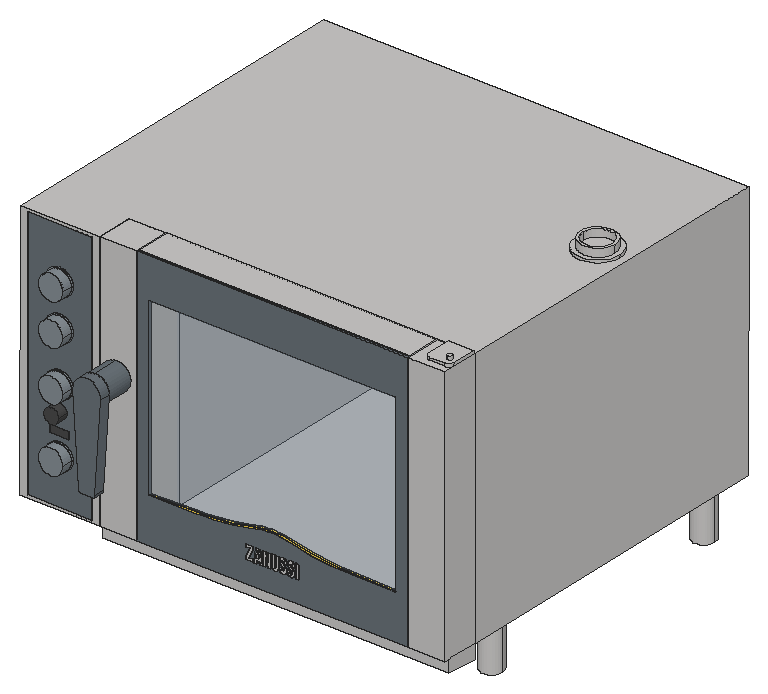
Revit family "QF_ZANUSSI_240451_ZFCE61CSDS", category Specialty Equipment, Revit 2023
Family settings
  Round Connector Dimension = Use Diameter
  Part Type = Normal
  Work Plane-Based = No
  Enable Cutting in Views = No
  Always vertical = Yes
  Cut with Voids When Loaded = No
  Maintain Annotation Orientation = No
  Shared = No
  Room Calculation Point = No
Parameters (values of type "Standard")
  Weight = 79.50 kg
  Watts = 0 W
  Volts = 380 V
  URL Manufacturer = "http://www.zanussiprofessional.com"
  URL = "http://www.zanussiprofessional.com"
  Steam Supply Size = 0 mm
  Steam Supply Minimum Pressure = 0.0 Pa
  Steam Supply Maximum Pressure = 0.0 Pa
  Steam Consumption per Hour = 0
  Show Logo [instance] = yes
  Show Clearance [instance] = yes
  Refrigeration Suction Line Size = 0 mm
  Refrigeration Liquid Line Size = 0 mm
  Refrigerant Compressor Remote = yes
  Default Elevation = 0 mm
  Manufacturer = "Zanussi"
  Phase = 3
  Model = "ZFCE61CSDS"
  Length Actual = 860 mm
  Item Number = "240451"
  Hot Water Size = 0 mm
  Height Actual = 633 mm
  HP = "10.3 HP"
  Gas Size = 12.7 mm
  Gas KW = 0
  Gas Input Pressure = 0.0585289 W
  Direct Waste Size = 25 mm
  Description = "CONVECTION OVEN CW 6 GN 1/1 - ELECTRIC"
  Depth Actual = 767 mm
  Cycle = 50 Hz
  Condensate Return Size = 0 mm
  Compressed Air Volume = 0.0 L/s
  Compressed Air Size = 0 mm
  Compressed Air Pressure = 0.0 Pa
  Cold Water Size = 19.05 mm
  Accessory = no
Reference planes
  plane 1 "Center X": y = 96.351
  plane 2: z = 0
  plane 3 "Center Y": x = -330
  plane 4 "LEFT": x = -760
  plane 5 "BACK": y = 479.851
  plane 6 "RIGHT": x = 100
  plane 7 "FRONT": y = -287.149
  plane 8: x = -710
  plane 9 "FeetBack": y = 429.851
  plane 10 "DoorDepth": y = -212.149
  plane 11: x = 80
  plane 12 "BASE": z = 108
  plane 13 "TOP": z = 633
  plane 14: z = 0
  plane 15 "1": y = 173.851
  plane 16 "FeetFront": y = -107.149
  plane 17: z = 653.369
  plane 18: y = -362.149
  plane 19 "Drain_X": x = -323
  plane 20 "Drain_Y": y = 61.851
  plane 21 "EI_x": x = -663
  plane 22 "EI_y": y = 13.851
  plane 23 "CWI_y": y = 304.851
  plane 24 "CWI_x": x = -689
  plane 25: y = -935.149
  plane 26: x = 40
Forms (mm)
  Extrusion 1, solid, material "QF_Finishes_Stainless Steel"
    sketch origin (0, 2, 108) x (-1, 0, 0) y (0, -1, 0)
      loop
        circle (689, -302.851) r 13.25
    from -5 to 0
  Extrusion 2, solid, material "QF_Finishes_Stainless Steel"
    sketch origin (0, 57.5, 108) x (-1, 0, 0) y (0, -1, 0)
      loop
        circle (663, 43.649) r 13.25
    from -5 to 0
  Extrusion 3, solid, material "QF_Finishes_Stainless Steel"
    sketch origin (89, -125, 108) x (-1, 0, 0) y (0, -1, 0)
      loop
        circle (412, -186.851) r 13.25
    from -5 to 0
  Extrusion 4, solid, material "QF_Finishes_Black"
    sketch origin (0, -287.149, 127) x (-1, 0, 0) y (0, 0, 1)
      loop
        circle (680.941, 161.023) r 15
    from 0 to -20
  Extrusion 5, solid, material "QF_Finishes_Stainless Steel"
    sketch origin (15, -153.5, 108) x (-1, 0, 0) y (0, -1, 0)
      loop
        circle (694, -119.351) r 13.25
    from -5 to 0
  Extrusion 6, solid, material "QF_Finishes_Zanussi_Soft Gray"
    sketch origin (0, -287.149, -6) x (-1, 0, 0) y (0, 0, 1)
      loop
        circle (680, 528.824) r 26.676
    from 0 to -3
  Blend 7, solid, material "QF_Finishes_Zanussi_Soft Gray"
    base sketch origin (0, -287.149, -6) x (-1, 0, 0) y (0, 0, 1)
      loop
        circle (680, 528.824) r 25
    top sketch origin (0, -287.149, -6) x (-1, 0, 0) y (0, 0, 1)
      loop
        circle (680, 528.824) r 24.8
    from -3 to -23
  Extrusion 8, solid, material "QF_Finishes_Zanussi_Soft Gray"
    sketch origin (0, -287.149, -5) x (-1, 0, 0) y (0, 0, 1)
      loop
        circle (680, 443.824) r 26.676
    from 0 to -3
  Blend 9, solid, material "QF_Finishes_Zanussi_Soft Gray"
    base sketch origin (0, -287.149, -5) x (-1, 0, 0) y (0, 0, 1)
      loop
        circle (680, 443.824) r 25
    top sketch origin (0, -287.149, -5) x (-1, 0, 0) y (0, 0, 1)
      loop
        circle (680, 443.824) r 24.8
    from -3 to -23
  Extrusion 10, solid, material "QF_Finishes_Zanussi_Soft Gray"
    sketch origin (0, -287.149, -22) x (-1, 0, 0) y (0, 0, 1)
      loop
        circle (680, 358.824) r 26.676
    from 0 to -3
  Blend 11, solid, material "QF_Finishes_Zanussi_Soft Gray"
    base sketch origin (0, -287.149, -22) x (-1, 0, 0) y (0, 0, 1)
      loop
        circle (680, 358.824) r 25
    top sketch origin (0, -287.149, -22) x (-1, 0, 0) y (0, 0, 1)
      loop
        circle (680, 358.824) r 24.8
    from -3 to -23
  Extrusion 12, solid, material "QF_Finishes_Stainless Steel"
    sketch origin (0, 0, 108) x (-1, 0, 0) y (0, -1, 0)
      loop
        line (760, -479.851) -> (760, 287.149) -> (600, 287.149) -> (600, 212.149) -> (-100, 212.149) -> (-100, -479.851) -> (760, -479.851)
    from 525 to 0
  Extrusion 13, solid, material "QF_Finishes_Zanussi_Dark Gray"
    sketch origin (0, -287.149, 0) x (-1, 0, 0) y (0, 0, 1)
      loop
        line (745, 628) -> (615, 628) -> (615, 113) -> (745, 113) -> (745, 628)
      loop
        line (660.941, 258.023) -> (660.941, 243.023) -> (700.941, 243.023) -> (700.941, 258.023) -> (660.941, 258.023)
    from 0 to 5
  Extrusion 14, void
    sketch origin (0, -287.149, 0) x (-1, 0, 0) y (0, 0, 1)
      loop
        line (745, 628) -> (615, 628) -> (615, 113) -> (745, 113) -> (745, 628)
    from 0 to 5
  Extrusion 15, void
    sketch origin (0, -287.149, 0) x (-1, 0, 0) y (0, 0, 1)
      loop
        line (-71.369, 123) -> (525, 123) -> (525, 613) -> (-71.369, 613) -> (-71.369, 123)
    from 737 to 75
  Extrusion 16, solid, material "QF_Finishes_Black"
    sketch origin (0, -287.149, 0) x (-1, 0, 0) y (0, 0, 1)
      loop
        line (700.941, 258.023) -> (660.941, 258.023) -> (660.941, 243.023) -> (700.941, 243.023) -> (700.941, 258.023)
    from 5 to 0
  Extrusion 17, solid, material "QF_Clearances", detail levels coarse
    sketch origin (0, 0, 0) x (1, 0, 0) y (0, 1, 0)
      loop
        line (-810, -287.149) -> (-760, -287.149) -> (-760, 479.851) -> (100, 479.851) -> (100, -287.149) -> (150, -287.149) -> (150, 529.851) -> (-810, 529.851) -> (-810, -287.149)
    from 633 to 0
  Extrusion 18, solid, material "QF_Finishes_Stainless Steel"
    sketch origin (0, 0, 633) x (-1, 0, 0) y (0, -1, 0)
      loop
        circle (-40, -173.851) r 45
    from 5 to 0
  Extrusion 19, solid, material "QF_Finishes_Stainless Steel"
    sketch origin (0, 0, 633) x (-1, 0, 0) y (0, -1, 0)
      loop
        circle (-40, -173.851) r 35
      loop
        circle (-40, -173.851) r 30
    from 5 to 20.369
  Extrusion 20, solid, material "QF_Finishes_Zanussi_Soft Gray"
    sketch origin (0, -287.149, -152) x (-1, 0, 0) y (0, 0, 1)
      loop
        circle (680, 358.824) r 26.676
    from 0 to -3
  Blend 21, solid, material "QF_Finishes_Zanussi_Soft Gray"
    base sketch origin (0, -287.149, -152) x (-1, 0, 0) y (0, 0, 1)
      loop
        circle (680, 358.824) r 25
    top sketch origin (0, -287.149, -152) x (-1, 0, 0) y (0, 0, 1)
      loop
        circle (680, 358.824) r 24.8
    from -3 to -23
Cuts and joins
  Extrusion 14, Extrusion 15 cuts Extrusion 12
Lines and regions (mm)
  symbolic lines
    curve 1: line (-760, -287.149, 1620) -> (-760, 479.851, 1620)
    curve 2: line (-760, 479.851, 1620) -> (100, 479.851, 1620)
    curve 3: line (-600, -212.149, 1620) -> (100, -212.149, 1620)
    curve 4: line (-600, -212.149, 1620) -> (-600, -287.149, 1620)
    curve 5: line (-760, -287.149, 1620) -> (-600, -287.149, 1620)
    curve 6: line (-706.676, -290.149, 1620) -> (-653.324, -290.149, 1620)
    curve 7: line (-706.676, -290.149, 1620) -> (-706.676, -287.149, 1620)
    curve 8: line (-653.324, -290.149, 1620) -> (-653.324, -287.149, 1620)
    curve 9: line (100, 479.851, 1620) -> (100, -287.149, 1620)
    curve 10: line (-704.8, -310.149, 684) -> (-655.2, -310.149, 684)
    curve 11: line (-704.8, -310.149, 684) -> (-705, -290.149, 684)
    curve 12: line (-655.2, -310.149, 684) -> (-655, -290.149, 684)
    curve 18: circle (40, 173.851, 633) r 45 normal (0, 0, 1)
    curve 19: circle (40, 173.851, 633) r 35 normal (0, 0, 1)
    curve 20: circle (40, 173.851, 633) r 30 normal (0, 0, -1)
  symbolic lines, style "QF_Clearances", detail levels coarse
    curve 13: line (-810, -287.149, 0) -> (-810, 529.851, 0)
    curve 14: line (-810, 529.851, 0) -> (150, 529.851, 0)
    curve 15: line (150, 529.851, 0) -> (150, -287.149, 0)
    curve 16: line (150, -287.149, 0) -> (100, -287.149, 0)
    curve 17: line (-810, -287.149, 0) -> (-753.438, -287.149, 0)
Dimensions and locks
  equal spacing: plane 4 "LEFT", plane 3 "Center Y", plane 6 "RIGHT"
  "Length Actual": plane 4 "LEFT" to plane 6 "RIGHT"
  "Depth Actual": plane 5 "BACK" to plane 7 "FRONT"
  equal spacing: plane 5 "BACK", plane 1 "Center X", plane 7 "FRONT"
  plane 12 "BASE" to plane 14 = 108 mm
  plane 13 "TOP" to plane 12 "BASE" = 525 mm
  plane 13 "TOP" to plane 14 = 633 mm
  plane 5 "BACK" to plane 9 "FeetBack" = 50 mm
  plane 9 "FeetBack" to plane 16 "FeetFront" = 537 mm
  locked: plane 16 "FeetFront" to plane 7 "FRONT" at 180
  plane 17 to plane 13 "TOP" to plane 12 "BASE" to level = 20.369 mm, 525 mm, 108 mm
  plane 17 to level = 653.369 mm  (x2)
  plane 7 "FRONT" to plane 18 = 75 mm
  plane 5 "BACK" to plane 20 "Drain_Y" = 418 mm
  plane 4 "LEFT" to plane 19 "Drain_X" = 437 mm
  plane 4 "LEFT" to plane 21 "EI_x" = 97 mm
  plane 5 "BACK" to plane 22 "EI_y" = 466 mm
  plane 5 "BACK" to plane 23 "CWI_y" = 175 mm
  plane 4 "LEFT" to plane 24 "CWI_x" = 71 mm
  plane 5 "BACK" to plane 15 "1" = 306 mm
  plane 5 "BACK" to plane 25 = 1415 mm
  locked: plane 10 "DoorDepth" to plane 7 "FRONT" at 75
  plane 26 to plane 6 "RIGHT" = 60 mm
  aligned and locked: level to plane 2
  aligned and locked: plane 12 "BASE" to nested 1
  aligned and locked: plane 12 "BASE" to nested 2
  aligned and locked: plane 12 "BASE" to nested 4
  aligned and locked: plane 12 "BASE" to nested 3
  aligned and locked: plane 23 "CWI_y" to Extrusion 1
Automatic sketch dimensions
  curve 17 to plane 7 "FRONT" = 0 mm
  curve 16 to plane 6 "RIGHT" = 0 mm
  curve 16 to plane 7 "FRONT" = 0 mm
  curve 13 to plane 4 "LEFT" = 50 mm
  plane 6 "RIGHT" to curve 16 = 50 mm
  plane 5 "BACK" to curve 14 = 50 mm
  plane 4 "LEFT" to curve 17 = 6.562 mm
  curve 9 to plane 5 "BACK" = 0 mm
  curve 9 to plane 6 "RIGHT" = 0 mm
  curve 3 to plane 10 "DoorDepth" = 0 mm
  curve 5 to plane 7 "FRONT" = 0 mm
  curve 5 to plane 4 "LEFT" = 0 mm
  curve 9 to plane 7 "FRONT" = 0 mm
  plane 21 "EI_x" to curve 3 = 63 mm
  curve 6 to plane 7 "FRONT" = 3 mm
  plane 21 "EI_x" to curve 6 = 9.676 mm
  plane 8 to curve 7 = 3.324 mm
  Extrusion 1 sketch curve to plane 23 "CWI_y" = 0 mm
  Extrusion 1 sketch curve to plane 24 "CWI_x" = 0 mm
  Extrusion 2 sketch curve to plane 21 "EI_x" = 0 mm
  Extrusion 2 sketch curve to plane 22 "EI_y" = 0 mm
  Extrusion 3 sketch curve to plane 19 "Drain_X" = 0 mm
  Extrusion 3 sketch curve to plane 20 "Drain_Y" = 0 mm
  plane 24 "CWI_x" to Extrusion 4 sketch curve = 8.059 mm
  plane 12 "BASE" to Extrusion 4 sketch curve = 180.023 mm
  plane 24 "CWI_x" to Extrusion 5 sketch curve = 10 mm
  Extrusion 5 sketch curve to plane 22 "EI_y" = 48 mm
  plane 21 "EI_x" to curve 10 = 7.8 mm
  plane 8 to curve 11 = 5.2 mm
  curve 11 to plane 7 "FRONT" = 23 mm
  curve 12 to plane 7 "FRONT" = 3 mm
  plane 21 "EI_x" to curve 12 = 8 mm
  plane 8 to curve 11 = 5 mm
  curve 11 to plane 7 "FRONT" = 3 mm
  plane 24 "CWI_x" to Extrusion 6 sketch curve = 9 mm
  Extrusion 6 sketch curve to plane 13 "TOP" = 110.176 mm
  plane 24 "CWI_x" to Blend 7 sketch curve = 9 mm  (x2)
  Blend 7 sketch curve to plane 13 "TOP" = 110.176 mm  (x2)
  plane 24 "CWI_x" to Extrusion 8 sketch curve = 9 mm
  Extrusion 8 sketch curve to plane 13 "TOP" = 194.176 mm
  plane 24 "CWI_x" to Blend 9 sketch curve = 9 mm  (x2)
  Blend 9 sketch curve to plane 13 "TOP" = 194.176 mm  (x2)
  plane 24 "CWI_x" to Extrusion 10 sketch curve = 9 mm
  plane 12 "BASE" to Extrusion 10 sketch curve = 228.824 mm
  plane 24 "CWI_x" to Blend 11 sketch curve = 9 mm  (x2)
  plane 12 "BASE" to Blend 11 sketch curve = 228.824 mm  (x2)
  Extrusion 12 sketch curve to plane 5 "BACK" = 0 mm
  Extrusion 12 sketch curve to plane 6 "RIGHT" = 0 mm
  Extrusion 12 sketch curve to plane 10 "DoorDepth" = 0 mm
  Extrusion 12 sketch curve to plane 7 "FRONT" = 0 mm
  Extrusion 12 sketch curve to plane 4 "LEFT" = 0 mm
  plane 21 "EI_x" to Extrusion 12 sketch curve = 63 mm
  Extrusion 13 sketch curve to plane 13 "TOP" = 5 mm
  plane 21 "EI_x" to Extrusion 13 sketch curve = 48 mm
  plane 21 "EI_x" to Extrusion 13 sketch curve = 2.059 mm
  plane 8 to Extrusion 13 sketch curve = 9.059 mm
  plane 4 "LEFT" to Extrusion 13 sketch curve = 15 mm
  plane 12 "BASE" to Extrusion 13 sketch curve = 150.023 mm
  Extrusion 13 sketch curve to Extrusion 13 sketch curve = 15 mm
  plane 12 "BASE" to Extrusion 13 sketch curve = 5 mm
  Extrusion 14 sketch curve to plane 13 "TOP" = 5 mm
  plane 21 "EI_x" to Extrusion 14 sketch curve = 48 mm
  plane 12 "BASE" to Extrusion 14 sketch curve = 5 mm
  plane 4 "LEFT" to Extrusion 14 sketch curve = 15 mm
  Extrusion 15 sketch curve to plane 11 = 8.631 mm
  Extrusion 15 sketch curve to plane 13 "TOP" = 20 mm
  plane 21 "EI_x" to Extrusion 15 sketch curve = 138 mm
  plane 12 "BASE" to Extrusion 15 sketch curve = 15 mm
  plane 21 "EI_x" to Extrusion 16 sketch curve = 2.059 mm
  plane 8 to Extrusion 16 sketch curve = 9.059 mm
  plane 12 "BASE" to Extrusion 16 sketch curve = 135.023 mm
  Extrusion 16 sketch curve to Extrusion 16 sketch curve = 15 mm
  Extrusion 17 sketch curve to plane 7 "FRONT" = 0 mm  (x2)
  Extrusion 17 sketch curve to plane 4 "LEFT" = 0 mm
  Extrusion 17 sketch curve to plane 5 "BACK" = 0 mm
  Extrusion 17 sketch curve to plane 6 "RIGHT" = 0 mm
  Extrusion 17 sketch curve to Extrusion 17 sketch curve = 50 mm
  plane 6 "RIGHT" to Extrusion 17 sketch curve = 50 mm
  plane 5 "BACK" to Extrusion 17 sketch curve = 50 mm
  Extrusion 18 sketch curve to plane 15 "1" = 0 mm
  Extrusion 18 sketch curve to plane 26 = 0 mm
  Extrusion 19 sketch curve to Extrusion 19 sketch curve = 0 mm  (x2)
  Extrusion 19 sketch curve to plane 15 "1" = 0 mm
  Extrusion 19 sketch curve to plane 26 = 0 mm
  plane 24 "CWI_x" to Extrusion 20 sketch curve = 9 mm
  plane 12 "BASE" to Extrusion 20 sketch curve = 98.824 mm
  plane 24 "CWI_x" to Blend 21 sketch curve = 9 mm  (x2)
  plane 12 "BASE" to Blend 21 sketch curve = 98.824 mm  (x2)
  radius of Extrusion 1 sketch curve = 13.25 mm
  radius of Extrusion 2 sketch curve = 13.25 mm
  radius of Extrusion 3 sketch curve = 13.25 mm
  radius of Extrusion 4 sketch curve = 15 mm
  radius of Extrusion 5 sketch curve = 13.25 mm
  radius of Extrusion 6 sketch curve = 26.676 mm
  radius of Blend 7 sketch curve = 25 mm
  radius of Blend 7 sketch curve = 24.8 mm
  radius of Extrusion 8 sketch curve = 26.676 mm
  radius of Blend 9 sketch curve = 25 mm
  radius of Blend 9 sketch curve = 24.8 mm
  radius of Extrusion 10 sketch curve = 26.676 mm
  radius of Blend 11 sketch curve = 25 mm
  radius of Blend 11 sketch curve = 24.8 mm
  radius of Extrusion 18 sketch curve = 45 mm
  radius of Extrusion 19 sketch curve = 35 mm
  radius of Extrusion 19 sketch curve = 30 mm
  radius of Extrusion 20 sketch curve = 26.676 mm
  radius of Blend 21 sketch curve = 25 mm
  radius of Blend 21 sketch curve = 24.8 mm
Nested families
  nested 1: "Foot" at (-710, -107.149, 0), type "Foot"
    with Ø 22 mm, H 108 mm
  nested 2: "Foot" at (50, -107.149, 0), type "Foot"
    with Ø 22 mm, H 108 mm
  nested 3: "Foot" at (50, 429.851, 0), type "Foot"
    with Ø 22 mm, H 108 mm
  nested 4: "Foot" at (-710, 429.851, 0), type "Foot"
    with Ø 22 mm, H 108 mm
  nested 5: "ZAN_DOOR_CROSSWISE_H525" at (100, -215.149, 0), type "ZAN_DOOR_CROSSWISE_H525"
    with Show Clearance yes
Connectors
  piping at (-323, 61.851, 103), diameter 25, driven by "Direct Waste Size"
    settings: on Extrusion 3, index 6, connector inside diameter 609.6 mm, connector length 0 mm, flow factor 0, pipe flow 0.0 L/s, pressure drop 0.0 Pa, fitting loss kfactor 0, connector angle 0.00°, fixture units 0, engagement length 0 mm, angle of deflection 0.00°, flow configuration 0, flow direction 2, fitting loss method 0, system type 16, joint type 0, gender type 0, connector reference index -1, connector utility 0, adjustable connector no, is connector primary yes, connector description "Drain"
  electrical at (-663, 13.851, 103)
    settings: on Extrusion 2, index 7, voltage 0 V, apparent load 0 VA, apparent load phase1 0 VA, apparent load phase2 0 VA, apparent load phase3 0 VA, power factor 1, load classification "Altro", number of poles 1, system type 30, power factor state 1, is connector primary yes, connector utility no, sub classification motor no, connector description "Electrical Connection"
  piping at (-689, 304.851, 103), diameter 19.05, driven by "Cold Water Size"
    settings: on Extrusion 1, index 8, connector inside diameter 609.6 mm, connector length 0 mm, flow factor 0, pipe flow 0.0 L/s, pressure drop 0.0 Pa, fitting loss kfactor 0, connector angle 0.00°, fixture units 0, engagement length 0 mm, angle of deflection 0.00°, flow configuration 0, flow direction 2, fitting loss method 0, system type 20, joint type 0, gender type 0, connector reference index -1, connector utility 0, adjustable connector no, is connector primary no, connector description "Cold Water Inlet"
Definition of nested family "Foot"
  Parameters
    Ø [instance] = 20 mm
    Default Elevation = 0 mm
    H [instance] = 50 mm
  Reference planes
    plane 1 "Centro (Fronte/Retro)": y = 0
    plane 2: z = 0
    plane 3 "Centro (Sinistra/Destra)": x = 0
    plane 4: z = 50
  Forms (mm)
    Revolve 1, solid
      sketch origin (255.05, 0, 608.09) x (0, 0, 1) y (-1, 0, 0)
        loop
          line (-608.09, 255.05) -> (-608.09, 235.05) -> (-558.09, 235.05) -> (-558.09, 255.05) -> (-608.09, 255.05)
        axis (-608.09, 255.05) -> (-558.09, 255.05)
      angle from 0 to 360
  Dimensions and locks
    "H": plane 4 to plane 2
    "Ø": Revolve 1 sketch curve to Revolve 1 sketch curve
    aligned and locked: level to plane 2
    aligned and locked: plane 4 to Revolve 1 sketch curve
    aligned and locked: Revolve 1 sketch curve to level
    aligned and locked: plane 3 "Centro (Sinistra/Destra)" to Revolve 1 sketch curve
  Automatic sketch dimensions
    Revolve 1 sketch curve to plane 3 "Centro (Sinistra/Destra)" = 0 mm
    Revolve 1 sketch curve to Revolve 1 sketch curve = 50 mm
    Revolve 1 sketch curve to Revolve 1 sketch curve = 20 mm
Definition of nested family "ZAN_DOOR_CROSSWISE_H525"
  Parameters (values of type "ZAN_DOOR_CROSSWISE_H525")
    sp_Lama = 5 mm
    Z_Maniglia = 285 mm
    W_Door = 700 mm
    Show Clearance [instance] = yes
    Default Elevation = 0 mm
    H_Feet = 108 mm
    H_FasciaTop = 75 mm
    H_Door = 525 mm
    W_fasce = 75 mm
    Direct Waste Size = 25 mm
  Reference planes
    plane 1 "Center (Front/Back)": y = 3
    plane 2: z = 0
    plane 3 "Center (Left/Right)": x = 0
    plane 4 "Top": z = 633
    plane 5 "Feet": z = 108
    plane 6 "Front": y = -72
    plane 7: z = 628
    plane 8: z = 553
    plane 9: x = -600
    plane 10: x = -75
    plane 11: x = -700
    plane 12: x = -625
    plane 13: x = -100
    plane 14: x = -624
    plane 15: x = -76
    plane 16: z = 132
    plane 17: z = 393
    plane 18: x = -665
  Forms (mm)
    Extrusion 1, solid
      sketch origin (0, -72, 0) x (0, 0, -1) y (-1, 0, 0)
        loop
          line (-633, 700) -> (-633, 625) -> (-108, 625) -> (-108, 700) -> (-633, 700)
        loop
          line (-633, 0) -> (-108, 0) -> (-108, 75) -> (-633, 75) -> (-633, 0)
      from 0 to 75
    Extrusion 2, solid
      sketch origin (0, -72, 0) x (0, 0, -1) y (-1, 0, 0)
        loop
          line (-199.529, 600) -> (-553, 600) -> (-553, 100) -> (-199.529, 100) -> (-199.529, 176.502) -> (-199.716, 190.941) -> (-200.068, 211.042)
          arc (-200.068, 211.042) -> (-200.373, 221.113) -> (-200.944, 231.172) r 381.251
          arc (-200.944, 231.172) -> (-202.69, 251.25) -> (-205.394, 271.221) r 421.149
          arc (-205.394, 271.221) -> (-208.274, 287.092) -> (-211.548, 302.885) r 647.683
          arc (-211.548, 302.885) -> (-214.401, 316.603) -> (-216.93, 330.384) r 593.178
          arc (-216.93, 330.384) -> (-217.581, 335.587) -> (-218.06, 340.808) r 159.42
          arc (-218.06, 340.808) -> (-218.307, 345.507) -> (-218.401, 350.211) r 143.741
          arc (-218.401, 350.211) -> (-218.306, 354.916) -> (-218.057, 359.615) r 143.741
          arc (-218.057, 359.615) -> (-217.576, 364.836) -> (-216.923, 370.039) r 159.42
          arc (-216.923, 370.039) -> (-214.399, 383.796) -> (-211.55, 397.489) r 593.18
          arc (-211.55, 397.489) -> (-208.278, 413.271) -> (-205.4, 429.129) r 647.681
          arc (-205.4, 429.129) -> (-202.709, 448.969) -> (-200.965, 468.913) r 421.147
          arc (-200.965, 468.913) -> (-200.379, 479.117) -> (-200.068, 489.332) r 381.251
          line (-200.068, 489.332) -> (-199.716, 509.433) -> (-199.529, 523.872) -> (-199.529, 600)
        loop
          line (-108, 76) -> (-108, 624) -> (-633, 624) -> (-633, 76) -> (-108, 76)
      from 0 to 5
    Extrusion 3, void
      sketch origin (-100, -72, 0) x (-1, 0, 0) y (0, 0, 1)
        loop
          line (288.603, 151.973) -> (303.509, 151.973) -> (303.509, 157.706) -> (295.318, 174.905) -> (302.853, 174.741) -> (302.853, 179.982) -> (288.603, 179.982) -> (288.603, 175.232) -> (297.201, 157.706) -> (288.603, 157.706) -> (288.603, 151.973)
        loop
          line (280.375, 162.456) -> (278.737, 175.195) -> (277.1, 162.456) -> (280.375, 162.456)
        loop
          line (281.849, 151.973) -> (287.746, 151.973) -> (282.669, 179.982) -> (274.806, 179.982) -> (269.565, 151.973) -> (275.461, 151.973) -> (276.281, 157.378) -> (281.031, 157.378) -> (281.849, 151.973)
        loop
          line (268.839, 179.982) -> (262.778, 179.982) -> (258.028, 162.128) -> (258.028, 179.982) -> (252.786, 179.982) -> (252.786, 151.973) -> (259.011, 151.973) -> (263.761, 170.482) -> (263.761, 151.973) -> (268.839, 151.973) -> (268.839, 179.982)
        loop
          line (251.476, 158.9) -> (251.476, 179.982) -> (245.743, 179.982) -> (245.743, 158.689)
          arc (245.743, 158.689) -> (243.81, 157.443) -> (242.303, 159.18) r 1.755
          line (242.303, 159.18) -> (242.303, 179.982) -> (236.57, 179.982) -> (236.57, 157.87)
          arc (236.57, 157.87) -> (244.469, 151.928) -> (251.476, 158.9) r 7.548
        loop
          line (225.923, 171.137) -> (225.923, 174.183)
          arc (225.923, 174.183) -> (228.232, 175.801) -> (229.849, 173.492) r 1.993
          arc (229.849, 173.492) -> (229.394, 172.205) -> (228.544, 171.137) r 4.132
          line (228.544, 171.137) -> (222.261, 165.482)
          arc (222.261, 165.482) -> (220.244, 161.234) -> (220.358, 156.532) r 10.152
          arc (220.358, 156.532) -> (226.648, 151.979) -> (234.116, 154.106) r 8.889
          arc (234.116, 154.106) -> (235.696, 157.791) -> (235.751, 161.801) r 10.311
          line (235.751, 161.801) -> (230.033, 161.801)
          arc (230.033, 161.801) -> (230.009, 161.099) -> (230.033, 160.396) r 10.165
          arc (230.033, 160.396) -> (230.059, 159.653) -> (230.033, 158.91) r 10.759
          arc (230.033, 158.91) -> (229.7, 157.855) -> (228.922, 157.068) r 2.359
          arc (228.922, 157.068) -> (226.339, 157.656) -> (226.065, 160.291) r 2.275
          arc (226.065, 160.291) -> (227.174, 161.799) -> (228.6, 163.01) r 8.056
          line (228.6, 163.01) -> (231.016, 165.151)
          arc (231.016, 165.151) -> (233.167, 167.4) -> (234.919, 169.972) r 18.895
          arc (234.919, 169.972) -> (235.183, 174.623) -> (233.05, 178.765) r 8.857
          arc (233.05, 178.765) -> (227.818, 180.471) -> (222.586, 178.765) r 8.876
          arc (222.586, 178.765) -> (220.806, 176.522) -> (220.429, 173.684) r 5.378
          line (220.429, 173.684) -> (220.518, 171.137) -> (225.923, 171.137)
        loop
          line (209.587, 171.137) -> (209.587, 174.183)
          arc (209.587, 174.183) -> (211.896, 175.801) -> (213.513, 173.492) r 1.993
          arc (213.513, 173.492) -> (213.058, 172.205) -> (212.208, 171.137) r 4.132
          line (212.208, 171.137) -> (205.924, 165.482)
          arc (205.924, 165.482) -> (203.908, 161.234) -> (204.022, 156.532) r 10.152
          arc (204.022, 156.532) -> (210.312, 151.979) -> (217.779, 154.106) r 8.889
          arc (217.779, 154.106) -> (219.36, 157.791) -> (219.415, 161.801) r 10.311
          line (219.415, 161.801) -> (213.696, 161.801)
          arc (213.696, 161.801) -> (213.672, 161.099) -> (213.696, 160.396) r 10.165
          arc (213.696, 160.396) -> (213.722, 159.653) -> (213.696, 158.91) r 10.759
          arc (213.696, 158.91) -> (213.363, 157.855) -> (212.586, 157.068) r 2.359
          arc (212.586, 157.068) -> (210.003, 157.656) -> (209.729, 160.291) r 2.275
          arc (209.729, 160.291) -> (210.837, 161.799) -> (212.264, 163.01) r 8.056
          line (212.264, 163.01) -> (214.679, 165.151)
          arc (214.679, 165.151) -> (216.83, 167.4) -> (218.583, 169.972) r 18.895
          arc (218.583, 169.972) -> (218.847, 174.623) -> (216.714, 178.765) r 8.857
          arc (216.714, 178.765) -> (211.482, 180.471) -> (206.25, 178.765) r 8.876
          arc (206.25, 178.765) -> (204.469, 176.522) -> (204.093, 173.684) r 5.378
          line (204.093, 173.684) -> (204.182, 171.137) -> (209.587, 171.137)
        loop
          line (202.992, 179.982) -> (197.259, 179.982) -> (197.259, 151.973) -> (202.992, 151.973) -> (202.992, 179.982)
      from 0 to 2
    Extrusion 4, solid
      sketch origin (0, -72, 0) x (0, 0, -1) y (-1, 0, 0)
        loop
          line (-202.139, 509.481) -> (-202.564, 489.393)
          arc (-202.564, 489.393) -> (-202.899, 479.36) -> (-203.486, 469.339) r 398.755
          arc (-203.486, 469.339) -> (-205.267, 449.395) -> (-208.001, 429.558) r 418.492
          arc (-208.001, 429.558) -> (-210.747, 414.666) -> (-213.78, 399.829) r 786.502
          arc (-213.78, 399.829) -> (-217.005, 385.332) -> (-219.595, 370.709) r 340.705
          arc (-219.595, 370.709) -> (-220.306, 365.406) -> (-220.802, 360.079) r 132.002
          arc (-220.802, 360.079) -> (-221.067, 355.145) -> (-221.148, 350.205) r 132.002
          arc (-221.148, 350.205) -> (-221.068, 345.264) -> (-220.804, 340.33) r 132.002
          arc (-220.804, 340.33) -> (-220.308, 334.985) -> (-219.595, 329.665) r 132.002
          arc (-219.595, 329.665) -> (-217.005, 315.042) -> (-213.78, 300.546) r 340.705
          arc (-213.78, 300.546) -> (-210.745, 285.697) -> (-207.996, 270.792) r 786.502
          arc (-207.996, 270.792) -> (-205.264, 250.951) -> (-203.484, 231.002) r 418.492
          arc (-203.484, 231.002) -> (-202.898, 220.998) -> (-202.564, 210.981) r 398.755
          line (-202.564, 210.981) -> (-202.139, 190.893) -> (-199.529, 100) -> (-199.529, 176.502) -> (-199.716, 190.941) -> (-200.068, 211.042)
          arc (-200.068, 211.042) -> (-200.373, 221.113) -> (-200.944, 231.172) r 381.251
          arc (-200.944, 231.172) -> (-202.69, 251.25) -> (-205.394, 271.221) r 421.149
          arc (-205.394, 271.221) -> (-208.274, 287.092) -> (-211.548, 302.885) r 647.683
          arc (-211.548, 302.885) -> (-214.401, 316.599) -> (-216.929, 330.377) r 593.178
          arc (-216.929, 330.377) -> (-217.58, 335.58) -> (-218.059, 340.801) r 159.419
          arc (-218.059, 340.801) -> (-218.307, 345.5) -> (-218.401, 350.205) r 143.741
          arc (-218.401, 350.205) -> (-218.306, 354.909) -> (-218.057, 359.608) r 143.741
          arc (-218.057, 359.608) -> (-217.578, 364.812) -> (-216.929, 369.997) r 159.42
          arc (-216.929, 369.997) -> (-214.401, 383.775) -> (-211.549, 397.489) r 593.179
          arc (-211.549, 397.489) -> (-208.277, 413.271) -> (-205.398, 429.129) r 647.683
          arc (-205.398, 429.129) -> (-202.696, 449.074) -> (-200.95, 469.125) r 421.148
          arc (-200.95, 469.125) -> (-200.375, 479.223) -> (-200.068, 489.332) r 381.251
          line (-200.068, 489.332) -> (-199.716, 509.433) -> (-199.529, 523.872) -> (-199.529, 600.013) -> (-202.139, 509.481)
      from 0 to 5
    Extrusion 5, solid
      sketch origin (0, -72, 0) x (0, 0, -1) y (-1, 0, 0)
        loop
          line (-151.973, 388.603) -> (-151.973, 403.509) -> (-157.706, 403.509) -> (-174.905, 395.318) -> (-174.741, 402.853) -> (-179.982, 402.853) -> (-179.982, 388.603) -> (-175.232, 388.603) -> (-157.706, 397.201) -> (-157.706, 388.603) -> (-151.973, 388.603)
        loop
          line (-162.456, 380.375) -> (-175.195, 378.737) -> (-162.456, 377.1) -> (-162.456, 380.375)
        loop
          line (-151.973, 381.849) -> (-151.973, 387.746) -> (-179.982, 382.669) -> (-179.982, 374.806) -> (-151.973, 369.565) -> (-151.973, 375.461) -> (-157.378, 376.281) -> (-157.378, 381.031) -> (-151.973, 381.849)
        loop
          line (-179.982, 368.839) -> (-179.982, 362.778) -> (-162.128, 358.028) -> (-179.982, 358.028) -> (-179.982, 352.786) -> (-151.973, 352.786) -> (-151.973, 359.011) -> (-170.482, 363.761) -> (-151.973, 363.761) -> (-151.973, 368.839) -> (-179.982, 368.839)
        loop
          line (-158.9, 351.476) -> (-179.982, 351.476) -> (-179.982, 345.743) -> (-158.689, 345.743)
          arc (-158.689, 345.743) -> (-157.443, 343.81) -> (-159.18, 342.303) r 1.755
          line (-159.18, 342.303) -> (-179.982, 342.303) -> (-179.982, 336.57) -> (-157.87, 336.57)
          arc (-157.87, 336.57) -> (-151.928, 344.469) -> (-158.9, 351.476) r 7.548
        loop
          line (-171.137, 325.923) -> (-174.183, 325.923)
          arc (-174.183, 325.923) -> (-175.801, 328.232) -> (-173.492, 329.849) r 1.993
          arc (-173.492, 329.849) -> (-172.205, 329.394) -> (-171.137, 328.544) r 4.132
          line (-171.137, 328.544) -> (-165.482, 322.261)
          arc (-165.482, 322.261) -> (-161.234, 320.244) -> (-156.532, 320.358) r 10.152
          arc (-156.532, 320.358) -> (-151.979, 326.648) -> (-154.106, 334.116) r 8.889
          arc (-154.106, 334.116) -> (-157.791, 335.696) -> (-161.801, 335.751) r 10.311
          line (-161.801, 335.751) -> (-161.801, 330.033)
          arc (-161.801, 330.033) -> (-161.099, 330.009) -> (-160.396, 330.033) r 10.165
          arc (-160.396, 330.033) -> (-159.653, 330.059) -> (-158.91, 330.033) r 10.759
          arc (-158.91, 330.033) -> (-157.855, 329.7) -> (-157.068, 328.922) r 2.359
          arc (-157.068, 328.922) -> (-157.656, 326.339) -> (-160.291, 326.065) r 2.275
          arc (-160.291, 326.065) -> (-161.799, 327.174) -> (-163.01, 328.6) r 8.056
          line (-163.01, 328.6) -> (-165.151, 331.016)
          arc (-165.151, 331.016) -> (-167.4, 333.167) -> (-169.972, 334.919) r 18.895
          arc (-169.972, 334.919) -> (-174.623, 335.183) -> (-178.765, 333.05) r 8.857
          arc (-178.765, 333.05) -> (-180.471, 327.818) -> (-178.765, 322.586) r 8.876
          arc (-178.765, 322.586) -> (-176.522, 320.806) -> (-173.684, 320.429) r 5.378
          line (-173.684, 320.429) -> (-171.137, 320.518) -> (-171.137, 325.923)
        loop
          line (-171.137, 309.587) -> (-174.183, 309.587)
          arc (-174.183, 309.587) -> (-175.801, 311.896) -> (-173.492, 313.513) r 1.993
          arc (-173.492, 313.513) -> (-172.205, 313.058) -> (-171.137, 312.208) r 4.132
          line (-171.137, 312.208) -> (-165.482, 305.924)
          arc (-165.482, 305.924) -> (-161.234, 303.908) -> (-156.532, 304.022) r 10.152
          arc (-156.532, 304.022) -> (-151.979, 310.312) -> (-154.106, 317.779) r 8.889
          arc (-154.106, 317.779) -> (-157.791, 319.36) -> (-161.801, 319.415) r 10.311
          line (-161.801, 319.415) -> (-161.801, 313.696)
          arc (-161.801, 313.696) -> (-161.099, 313.672) -> (-160.396, 313.696) r 10.165
          arc (-160.396, 313.696) -> (-159.653, 313.722) -> (-158.91, 313.696) r 10.759
          arc (-158.91, 313.696) -> (-157.855, 313.363) -> (-157.068, 312.586) r 2.359
          arc (-157.068, 312.586) -> (-157.656, 310.003) -> (-160.291, 309.729) r 2.275
          arc (-160.291, 309.729) -> (-161.799, 310.837) -> (-163.01, 312.264) r 8.056
          line (-163.01, 312.264) -> (-165.151, 314.679)
          arc (-165.151, 314.679) -> (-167.4, 316.83) -> (-169.972, 318.583) r 18.895
          arc (-169.972, 318.583) -> (-174.623, 318.847) -> (-178.765, 316.714) r 8.857
          arc (-178.765, 316.714) -> (-180.471, 311.482) -> (-178.765, 306.25) r 8.876
          arc (-178.765, 306.25) -> (-176.522, 304.469) -> (-173.684, 304.093) r 5.378
          line (-173.684, 304.093) -> (-171.137, 304.182) -> (-171.137, 309.587)
        loop
          line (-179.982, 302.992) -> (-179.982, 297.259) -> (-151.973, 297.259) -> (-151.973, 302.992) -> (-179.982, 302.992)
      from 0 to 2
    Extrusion 6, solid
      sketch origin (0, -72, 0) x (0, 0, -1) y (-1, 0, 0)
        loop
          line (-628, 624) -> (-628, 600) -> (-132, 600) -> (-132, 100) -> (-628, 100) -> (-628, 76) -> (-108, 76) -> (-108, 624) -> (-628, 624)
      from 5 to 75
    Extrusion 7, solid
      sketch origin (0, -72, 0) x (0, 0, -1) y (-1, 0, 0)
        loop
          line (-553, 600) -> (-553, 100) -> (-199.519, 100) -> (-202.139, 190.893) -> (-202.564, 210.981)
          arc (-202.564, 210.981) -> (-202.898, 220.998) -> (-203.484, 231.002) r 398.755
          arc (-203.484, 231.002) -> (-205.264, 250.951) -> (-207.996, 270.792) r 418.492
          arc (-207.996, 270.792) -> (-210.742, 285.684) -> (-213.774, 300.521) r 786.502
          arc (-213.774, 300.521) -> (-217.003, 315.03) -> (-219.596, 329.665) r 340.706
          arc (-219.596, 329.665) -> (-220.309, 334.985) -> (-220.805, 340.33) r 132.003
          arc (-220.805, 340.33) -> (-221.069, 345.264) -> (-221.148, 350.205) r 132.003
          arc (-221.148, 350.205) -> (-221.068, 355.145) -> (-220.802, 360.079) r 132.003
          arc (-220.802, 360.079) -> (-220.307, 365.406) -> (-219.596, 370.709) r 132.003
          arc (-219.596, 370.709) -> (-217.005, 385.336) -> (-213.779, 399.836) r 340.706
          arc (-213.779, 399.836) -> (-210.746, 414.673) -> (-208, 429.565) r 786.502
          arc (-208, 429.565) -> (-205.272, 449.36) -> (-203.491, 469.263) r 418.492
          arc (-203.491, 469.263) -> (-202.901, 479.322) -> (-202.564, 489.393) r 398.755
          line (-202.564, 489.393) -> (-202.139, 509.481) -> (-199.529, 600) -> (-553, 600)
      from 0 to 5
    Extrusion 8, solid
      sketch origin (0, -72, 0) x (0, 0, -1) y (-1, 0, 0)
        loop
          line (-628, 600) -> (-628, 100) -> (-132, 100) -> (-132, 600) -> (-628, 600)
      from 75 to 70
    Extrusion 9, solid
      sketch origin (0, -72, 0) x (0, 0, -1) y (-1, 0, 0)
        loop
          line (-628, 624) -> (-633, 624) -> (-633, 76) -> (-628, 76) -> (-628, 624)
      from 5 to 75
    Extrusion 10, solid
      sketch origin (-100, -72, -17) x (-1, 0, 0) y (0, 0, 1)
        loop
          arc (548.194, 231.003) -> (549.77, 227.69) -> (553.183, 226.345) r 5
          line (553.183, 226.345) -> (576.817, 226.345)
          arc (576.817, 226.345) -> (580.24, 227.7) -> (581.808, 231.032) r 5
          line (581.808, 231.032) -> (592.999, 410.21)
          arc (592.999, 410.21) -> (564.012, 437.983) -> (537.056, 408.235) r 28
          line (537.056, 408.235) -> (548.194, 231.003)
      from -55 to -75
    Extrusion 11, solid
      sketch origin (0, -72, 0) x (0, 0, -1) y (-1, 0, 0)
        loop
          circle (-393, 665) r 28
      from 0 to -55
    Extrusion 12, solid
      sketch origin (0, 0, 0) x (0, 1, 0) y (0, 0, 1)
        loop
          line (-62, 108) -> (-62, 83) -> (3, 78.455) -> (3, 108) -> (-62, 108)
      from -700 to 0
    Extrusion 13, solid
      sketch origin (0, 0, 633) x (0, -1, 0) y (1, 0, 0)
        loop
          circle (38.919, -17.1) r 5
      from 10 to 5
    Extrusion 14, solid
      sketch origin (0, 0, 633) x (0, -1, 0) y (1, 0, 0)
        loop
          line (-3, -52.67) -> (47, -52.67)
          arc (47, -52.67) -> (54.071, -49.741) -> (57, -42.67) r 10
          line (57, -42.67) -> (57, -12.67)
          arc (57, -12.67) -> (54.071, -5.598) -> (47, -2.67) r 10
          line (47, -2.67) -> (-3, -2.67) -> (-3, -52.67)
      from 5 to 0
    Extrusion 15, solid, detail levels coarse
      sketch origin (-100, 215.149, 0) x (1, 0, 0) y (0, 1, 0)
        loop
          arc (-600, -287.149) -> (-387.996, -760.219) -> (100, -935.149) r 661.477
          line (100, -935.149) -> (100, -287.149) -> (-600, -287.149)
      from 633 to 108
  Cuts and joins
    Extrusion 3 cuts Extrusion 2
  Lines and regions (mm)
    symbolic lines
      curve 1: line (-687.299, -127, 0) -> (-631.299, -127, 0)
      curve 2: line (-687.299, -147, 0) -> (-687.299, -72, 0)
      curve 3: line (-631.299, -147, 0) -> (-687.299, -147, 0)
      curve 4: line (-631.299, -72, 0) -> (-631.299, -147, 0)
      curve 5: line (-700, 3, 0) -> (0, 3, 0)
      curve 6: line (-700, -72, 0) -> (-700, 3, 0)
      curve 7: line (0, -72, 0) -> (-700, -72, 0)
      curve 8: line (0, 3, 0) -> (0, -72, 0)
      curve 9: line (-625, -72, 0) -> (-625, 3, 0)
      curve 10: line (-75, -72, 0) -> (-75, 3, 0)
      curve 11: arc (-52.67, -47, 0) -> (-49.741, -54.071, 0) -> (-42.67, -57, 0) r 10
      curve 12: line (-42.67, -57, 0) -> (-12.67, -57, 0)
      curve 13: arc (-12.67, -57, 0) -> (-5.598, -54.071, 0) -> (-2.67, -47, 0) r 10
      curve 14: line (-2.67, -47, 0) -> (-2.67, 3, 0)
      curve 15: line (-52.67, 3, 0) -> (-52.67, -47, 0)
      curve 16: circle (-17.1, -38.919, 0) r 5 normal (0, 0, 1)
      curve 17: arc (-700, -72, 0) -> (-487.996, -545.069, 0) -> (0, -720, 0) r 661.477
      curve 18: line (0, -720, 0) -> (0, -72, 0)
  Dimensions and locks
    plane 1 "Center (Front/Back)" to plane 6 "Front" = 75 mm
    "H_Feet": plane 5 "Feet" to level
    "H_Door": plane 4 "Top" to plane 5 "Feet"
    "sp_Lama": plane 4 "Top" to plane 7
    "H_FasciaTop": plane 7 to plane 8
    "W_fasce": plane 11 to plane 12
    "W_fasce": plane 3 "Center (Left/Right)" to plane 10
    locked: plane 14 to plane 12 at 1
    plane 15 to plane 10 = 1 mm
    locked: plane 9 to plane 14 at 24
    locked: plane 15 to plane 13 at 24
    locked: plane 16 to plane 5 "Feet" at 24
    "Z_Maniglia": plane 17 to plane 5 "Feet"
    locked: plane 11 to plane 18 at 35
    "W_Door": plane 11 to plane 3 "Center (Left/Right)"
    aligned and locked: level to plane 2
    aligned and locked: Extrusion 9 to plane 7
    aligned and locked: plane 7 to Extrusion 8
    aligned and locked: plane 7 to Extrusion 6  (x2)
    aligned and locked: Extrusion 1 to plane 4 "Top"  (x2)
    aligned and locked: Extrusion 15 to plane 4 "Top"
    aligned and locked: Extrusion 9 to plane 4 "Top"
    aligned and locked: cut or joined group of Extrusion 2, Extrusion 3 to plane 4 "Top"
    aligned and locked: cut or joined group of Extrusion 2, Extrusion 3 to plane 8
    aligned and locked: plane 8 to Extrusion 7
    aligned and locked: plane 5 "Feet" to Extrusion 6
    aligned and locked: plane 5 "Feet" to Extrusion 15
    aligned and locked: plane 5 "Feet" to Extrusion 1  (x2)
    aligned and locked: plane 5 "Feet" to cut or joined group of Extrusion 2, Extrusion 3
    aligned and locked: Extrusion 6 to plane 14
    aligned and locked: plane 9 to Extrusion 6
    aligned and locked: plane 15 to Extrusion 6
    aligned and locked: plane 13 to Extrusion 6
    aligned and locked: plane 11 to Extrusion 1
    aligned and locked: plane 3 "Center (Left/Right)" to Extrusion 1
    aligned and locked: plane 12 to Extrusion 1
    aligned and locked: plane 10 to Extrusion 1
    aligned and locked: plane 16 to Extrusion 6
    aligned and locked: Extrusion 8 to plane 16
    aligned and locked: plane 3 "Center (Left/Right)" to Extrusion 12
    aligned and locked: plane 9 to cut or joined group of Extrusion 2, Extrusion 3
    aligned and locked: plane 13 to cut or joined group of Extrusion 2, Extrusion 3
    aligned and locked: plane 11 to Extrusion 12
  Automatic sketch dimensions
    curve 7 to plane 6 "Front" = 0 mm
    plane 1 "Center (Front/Back)" to curve 6 = 0 mm
    curve 8 to plane 3 "Center (Left/Right)" = 0 mm
    curve 14 to plane 3 "Center (Left/Right)" = 2.67 mm
    curve 12 to plane 3 "Center (Left/Right)" = 12.67 mm
    curve 16 to curve 13 = 4.431 mm
    plane 6 "Front" to curve 17 = 12.348 mm
    curve 17 to curve 13 = 25.969 mm
    curve 12 to curve 17 = 4.031 mm
    curve 15 to curve 11 = 10 mm
    curve 4 to plane 6 "Front" = 75 mm
    curve 4 to curve 15 = 578.629 mm
    curve 2 to curve 3 = 56 mm
    curve 5 to curve 2 = 12.701 mm
    plane 6 "Front" to curve 12 = 15 mm
    curve 13 to curve 16 = 8.081 mm
    curve 10 to curve 15 = 22.33 mm
    curve 4 to curve 9 = 6.299 mm
    curve 3 to curve 1 = 20 mm
    Extrusion 3 sketch curve to plane 5 "Feet" = 71.982 mm  (x3)
    Extrusion 3 sketch curve to plane 3 "Center (Left/Right)" = 297.259 mm
    Extrusion 3 sketch curve to Extrusion 3 sketch curve = 4.888 mm
    Extrusion 3 sketch curve to Extrusion 3 sketch curve = 5.704 mm
    Extrusion 3 sketch curve to Extrusion 3 sketch curve = 0.845 mm
    Extrusion 3 sketch curve to plane 5 "Feet" = 65.684 mm  (x2)
    Extrusion 3 sketch curve to Extrusion 3 sketch curve = 1.947 mm  (x2)
    Extrusion 3 sketch curve to plane 5 "Feet" = 63.137 mm  (x4)
    Extrusion 3 sketch curve to Extrusion 3 sketch curve = 0.089 mm  (x2)
    Extrusion 3 sketch curve to plane 5 "Feet" = 57.482 mm  (x2)
    Extrusion 3 sketch curve to Extrusion 3 sketch curve = 1.743 mm
    Extrusion 3 sketch curve to Extrusion 3 sketch curve = 6.311 mm
    Extrusion 3 sketch curve to Extrusion 3 sketch curve = 5.327 mm  (x2)
    Extrusion 3 sketch curve to Extrusion 3 sketch curve = 0.024 mm  (x2)
    Extrusion 3 sketch curve to Extrusion 3 sketch curve = 0.143 mm  (x2)
    Extrusion 3 sketch curve to Extrusion 3 sketch curve = 0.597 mm  (x2)
    Extrusion 3 sketch curve to Extrusion 3 sketch curve = 2.07 mm  (x2)
    Extrusion 3 sketch curve to Extrusion 3 sketch curve = 1.298 mm  (x2)
    Extrusion 3 sketch curve to Extrusion 3 sketch curve = 1.366 mm  (x2)
    Extrusion 3 sketch curve to Extrusion 3 sketch curve = 0.362 mm  (x2)
    Extrusion 3 sketch curve to Extrusion 3 sketch curve = 0.15 mm  (x2)
    Extrusion 3 sketch curve to Extrusion 3 sketch curve = 0.726 mm  (x3)
    Extrusion 3 sketch curve to plane 5 "Feet" = 55.01 mm  (x2)
    Extrusion 3 sketch curve to Extrusion 3 sketch curve = 0.409 mm  (x2)
    Extrusion 3 sketch curve to Extrusion 3 sketch curve = 1.432 mm  (x2)
    Extrusion 3 sketch curve to Extrusion 3 sketch curve = 2.132 mm  (x2)
    Extrusion 3 sketch curve to plane 5 "Feet" = 57.151 mm  (x2)
    Extrusion 3 sketch curve to Extrusion 3 sketch curve = 2.415 mm  (x2)
    Extrusion 3 sketch curve to Extrusion 3 sketch curve = 2.892 mm  (x2)
    Extrusion 3 sketch curve to Extrusion 3 sketch curve = 6.932 mm
    Extrusion 3 sketch curve to Extrusion 3 sketch curve = 2.57 mm
    Extrusion 3 sketch curve to Extrusion 3 sketch curve = 0.116 mm
    Extrusion 3 sketch curve to Extrusion 3 sketch curve = 2.846 mm
    Extrusion 3 sketch curve to Extrusion 3 sketch curve = 4.422 mm  (x2)
    Extrusion 3 sketch curve to Extrusion 3 sketch curve = 1.773 mm
    Extrusion 3 sketch curve to Extrusion 3 sketch curve = 5.719 mm
    Extrusion 3 sketch curve to Extrusion 3 sketch curve = 3.505 mm
    Extrusion 3 sketch curve to Extrusion 3 sketch curve = 5.733 mm  (x3)
    Extrusion 3 sketch curve to Extrusion 3 sketch curve = 1.646 mm
    Extrusion 3 sketch curve to Extrusion 3 sketch curve = 0.109 mm
    Extrusion 3 sketch curve to Extrusion 3 sketch curve = 3.44 mm
    Extrusion 3 sketch curve to Extrusion 3 sketch curve = 1.311 mm
    Extrusion 3 sketch curve to Extrusion 3 sketch curve = 5.241 mm  (x2)
    Extrusion 3 sketch curve to Extrusion 3 sketch curve = 6.224 mm
    Extrusion 3 sketch curve to Extrusion 3 sketch curve = 4.75 mm  (x3)
    Extrusion 3 sketch curve to Extrusion 3 sketch curve = 6.061 mm
    Extrusion 3 sketch curve to plane 5 "Feet" = 43.973 mm  (x2)
    Extrusion 3 sketch curve to Extrusion 3 sketch curve = 5.967 mm
    Extrusion 3 sketch curve to Extrusion 3 sketch curve = 5.897 mm  (x2)
    Extrusion 3 sketch curve to Extrusion 3 sketch curve = 0.819 mm  (x4)
    Extrusion 3 sketch curve to plane 5 "Feet" = 67.195 mm
    Extrusion 3 sketch curve to Extrusion 3 sketch curve = 3.931 mm  (x2)
    Extrusion 3 sketch curve to Extrusion 3 sketch curve = 3.276 mm
    Extrusion 3 sketch curve to Extrusion 3 sketch curve = 0.856 mm
    Extrusion 3 sketch curve to plane 5 "Feet" = 67.232 mm
    Extrusion 3 sketch curve to Extrusion 3 sketch curve = 5.934 mm
    Extrusion 3 sketch curve to plane 5 "Feet" = 66.905 mm
    Extrusion 3 sketch curve to Extrusion 3 sketch curve = 6.716 mm
    Extrusion 3 sketch curve to plane 5 "Feet" = 49.706 mm
    Extrusion 3 sketch curve to Extrusion 3 sketch curve = 8.598 mm
    Extrusion 3 sketch curve to plane 5 "Feet" = 66.741 mm
    Extrusion 3 sketch curve to Extrusion 3 sketch curve = 7.535 mm
    Extrusion 3 sketch curve to Extrusion 3 sketch curve = 6.308 mm
    Extrusion 3 sketch curve to Extrusion 3 sketch curve = 0 mm  (x12)
    Extrusion 3 sketch curve to Extrusion 3 sketch curve = 13.509 mm
    Extrusion 3 sketch curve to Extrusion 3 sketch curve = 6.705 mm  (x2)
    Extrusion 3 sketch curve to Extrusion 3 sketch curve = 5.405 mm
    Extrusion 3 sketch curve to Extrusion 3 sketch curve = 1.565 mm
    Extrusion 3 sketch curve to Extrusion 3 sketch curve = 0.211 mm
    Extrusion 3 sketch curve to Extrusion 3 sketch curve = 3.938 mm  (x2)
    Extrusion 3 sketch curve to Extrusion 3 sketch curve = 0.05 mm  (x2)
    Extrusion 3 sketch curve to Extrusion 3 sketch curve = 0.093 mm  (x2)
    Extrusion 3 sketch curve to Extrusion 3 sketch curve = 5.829 mm
    Extrusion 3 sketch curve to Extrusion 3 sketch curve = 3.348 mm
    Extrusion 3 sketch curve to Extrusion 3 sketch curve = 0.356 mm  (x2)
    Extrusion 3 sketch curve to Extrusion 3 sketch curve = 1.568 mm  (x2)
    Extrusion 3 sketch curve to Extrusion 3 sketch curve = 1.163 mm
    Extrusion 3 sketch curve to Extrusion 3 sketch curve = 1.919 mm
    Extrusion 3 sketch curve to Extrusion 3 sketch curve = 2.148 mm
    Extrusion 3 sketch curve to Extrusion 3 sketch curve = 1.209 mm
    Extrusion 3 sketch curve to Extrusion 3 sketch curve = 3.228 mm
    Extrusion 3 sketch curve to Extrusion 3 sketch curve = 5.078 mm
    Extrusion 3 sketch curve to Extrusion 3 sketch curve = 9.5 mm
    Extrusion 3 sketch curve to Extrusion 3 sketch curve = 0.458 mm  (x2)
    Extrusion 3 sketch curve to Extrusion 3 sketch curve = 1.645 mm  (x2)
    Extrusion 3 sketch curve to Extrusion 3 sketch curve = 1.056 mm  (x2)
    Extrusion 3 sketch curve to Extrusion 3 sketch curve = 1.401 mm  (x2)
    Extrusion 3 sketch curve to Extrusion 3 sketch curve = 0.025 mm  (x2)
    Extrusion 3 sketch curve to Extrusion 3 sketch curve = 0.212 mm  (x2)
    Extrusion 3 sketch curve to Extrusion 3 sketch curve = 0.525 mm
    Extrusion 3 sketch curve to Extrusion 3 sketch curve = 0.692 mm
    Extrusion 3 sketch curve to Extrusion 3 sketch curve = 1.059 mm  (x2)
    Extrusion 3 sketch curve to Extrusion 3 sketch curve = 0.88 mm  (x2)
    Extrusion 3 sketch curve to Extrusion 3 sketch curve = 1.769 mm
    Extrusion 3 sketch curve to Extrusion 3 sketch curve = 3.52 mm
    Extrusion 15 sketch curve to plane 6 "Front" = 0 mm
    Extrusion 15 sketch curve to plane 3 "Center (Left/Right)" = 0 mm
    plane 6 "Front" to Extrusion 15 sketch curve = 12.348 mm
    Extrusion 15 sketch curve to plane 3 "Center (Left/Right)" = 38.638 mm
    Extrusion 15 sketch curve to Extrusion 15 sketch curve = 661.362 mm
    Extrusion 10 sketch curve to plane 17 = 0 mm
    Extrusion 10 sketch curve to plane 18 = 0 mm
    plane 18 to Extrusion 10 sketch curve = 11.817 mm
    Extrusion 10 sketch curve to Extrusion 10 sketch curve = 4.988 mm
    Extrusion 10 sketch curve to plane 18 = 11.817 mm
    Extrusion 10 sketch curve to Extrusion 10 sketch curve = 4.99 mm
    plane 16 to Extrusion 10 sketch curve = 82.345 mm
    Extrusion 10 sketch curve to Extrusion 10 sketch curve = 0 mm
    Extrusion 10 sketch curve to Extrusion 10 sketch curve = 0.313 mm
    Extrusion 10 sketch curve to plane 17 = 1.765 mm
    Extrusion 10 sketch curve to plane 11 = 7.001 mm
    plane 17 to Extrusion 10 sketch curve = 0.21 mm
    plane 1 "Center (Front/Back)" to Extrusion 14 sketch curve = 0 mm
    Extrusion 14 sketch curve to plane 3 "Center (Left/Right)" = 2.67 mm
    plane 6 "Front" to Extrusion 14 sketch curve = 25 mm  (x2)
    Extrusion 14 sketch curve to Extrusion 14 sketch curve = 10 mm
    Extrusion 14 sketch curve to Extrusion 14 sketch curve = 30 mm
    plane 6 "Front" to Extrusion 13 sketch curve = 33.081 mm
    Extrusion 13 sketch curve to plane 3 "Center (Left/Right)" = 17.1 mm
    Extrusion 9 sketch curve to plane 4 "Top" = 0 mm
    Extrusion 9 sketch curve to plane 7 = 0 mm
    plane 15 to Extrusion 9 sketch curve = 0 mm
    Extrusion 9 sketch curve to plane 14 = 0 mm
    Extrusion 7 sketch curve to Extrusion 7 sketch curve = 0 mm  (x8)
    Extrusion 7 sketch curve to plane 8 = 0 mm
    Extrusion 7 sketch curve to plane 9 = 0 mm
    plane 13 to Extrusion 7 sketch curve = 0 mm
    Extrusion 7 sketch curve to plane 7 = 26.767 mm  (x2)
    Extrusion 7 sketch curve to plane 7 = 6.91 mm  (x2)
    plane 13 to Extrusion 7 sketch curve = 35.635 mm
    Extrusion 7 sketch curve to plane 4 "Top" = 349.799 mm  (x2)
    plane 9 to Extrusion 7 sketch curve = 35.26 mm
    plane 16 to Extrusion 7 sketch curve = 70.564 mm  (x2)
    Extrusion 7 sketch curve to Extrusion 7 sketch curve = 0.426 mm  (x2)
    plane 16 to Extrusion 7 sketch curve = 67.529 mm
    plane 16 to Extrusion 7 sketch curve = 67.519 mm
    plane 5 "Feet" to Extrusion 7 sketch curve = 18.854 mm
    Extrusion 7 sketch curve to level = 117.102 mm
    plane 13 to Extrusion 7 sketch curve = 90.893 mm
    plane 13 to Extrusion 7 sketch curve = 102.71 mm
    Extrusion 7 sketch curve to Extrusion 7 sketch curve = 1.078 mm  (x2)
    Extrusion 7 sketch curve to Extrusion 7 sketch curve = 20.088 mm  (x2)
    plane 13 to Extrusion 7 sketch curve = 218.604 mm
    Extrusion 7 sketch curve to Extrusion 7 sketch curve = 138.871 mm
    Extrusion 7 sketch curve to Extrusion 7 sketch curve = 0.669 mm
    Extrusion 7 sketch curve to Extrusion 7 sketch curve = 63.165 mm
    plane 9 to Extrusion 7 sketch curve = 110.607 mm
    plane 9 to Extrusion 7 sketch curve = 103.414 mm
    plane 16 to Extrusion 7 sketch curve = 89.148 mm
    Extrusion 7 sketch curve to Extrusion 7 sketch curve = 0.343 mm
    Extrusion 7 sketch curve to Extrusion 7 sketch curve = 0.346 mm
    Extrusion 7 sketch curve to Extrusion 7 sketch curve = 1.209 mm
    Extrusion 7 sketch curve to Extrusion 7 sketch curve = 5.817 mm
    Extrusion 7 sketch curve to Extrusion 7 sketch curve = 5.822 mm
    Extrusion 7 sketch curve to Extrusion 7 sketch curve = 5.779 mm
    Extrusion 7 sketch curve to Extrusion 7 sketch curve = 5.778 mm
    Extrusion 2 sketch curve to plane 4 "Top" = 0 mm
    Extrusion 2 sketch curve to plane 8 = 0 mm
    plane 13 to Extrusion 2 sketch curve = 0 mm
    Extrusion 2 sketch curve to plane 5 "Feet" = 0 mm
    plane 9 to Extrusion 2 sketch curve = 63.143 mm
    Extrusion 2 sketch curve to plane 4 "Top" = 211.059 mm  (x2)
    plane 13 to Extrusion 2 sketch curve = 63.517 mm
    Extrusion 2 sketch curve to plane 7 = 6.737 mm  (x2)
    plane 8 to Extrusion 2 sketch curve = 28.263 mm  (x2)
    plane 16 to Extrusion 2 sketch curve = 68.068 mm  (x2)
    Extrusion 2 sketch curve to Extrusion 2 sketch curve = 0.351 mm  (x2)
    Extrusion 2 sketch curve to Extrusion 2 sketch curve = 0.187 mm
    plane 9 to Extrusion 2 sketch curve = 0 mm
    plane 16 to Extrusion 2 sketch curve = 67.529 mm
    plane 5 "Feet" to Extrusion 2 sketch curve = 33.339 mm
    Extrusion 2 sketch curve to Extrusion 2 sketch curve = 0 mm  (x5)
    Extrusion 2 sketch curve to Extrusion 2 sketch curve = 15.571 mm
    plane 9 to Extrusion 2 sketch curve = 169.475 mm
    Extrusion 2 sketch curve to level = 367.735 mm
    plane 15 to Extrusion 2 sketch curve = 0 mm
    Extrusion 2 sketch curve to Extrusion 2 sketch curve = 76.502 mm
    Extrusion 2 sketch curve to Extrusion 2 sketch curve = 14.439 mm  (x2)
    plane 13 to Extrusion 2 sketch curve = 104.527 mm
    Extrusion 2 sketch curve to Extrusion 2 sketch curve = 0.216 mm  (x2)
    Extrusion 2 sketch curve to Extrusion 2 sketch curve = 20.101 mm  (x2)
    Extrusion 2 sketch curve to Extrusion 2 sketch curve = 160.676 mm
    Extrusion 2 sketch curve to Extrusion 2 sketch curve = 136.56 mm
    Extrusion 2 sketch curve to Extrusion 2 sketch curve = 2.06 mm
    Extrusion 2 sketch curve to Extrusion 2 sketch curve = 1.051 mm
    Extrusion 2 sketch curve to Extrusion 2 sketch curve = 5.17 mm
    plane 9 to Extrusion 2 sketch curve = 110.668 mm
    plane 9 to Extrusion 2 sketch curve = 104.369 mm
    Extrusion 2 sketch curve to plane 14 = 0 mm
    plane 16 to Extrusion 2 sketch curve = 86.401 mm
    Extrusion 2 sketch curve to Extrusion 2 sketch curve = 0.341 mm
    Extrusion 2 sketch curve to Extrusion 2 sketch curve = 0.344 mm
    Extrusion 2 sketch curve to Extrusion 2 sketch curve = 1.13 mm
    Extrusion 2 sketch curve to Extrusion 2 sketch curve = 1.134 mm
    Extrusion 2 sketch curve to Extrusion 2 sketch curve = 5.373 mm
    Extrusion 2 sketch curve to Extrusion 2 sketch curve = 6.15 mm
    Extrusion 2 sketch curve to Extrusion 2 sketch curve = 6.154 mm
    Extrusion 4 sketch curve to Extrusion 4 sketch curve = 0 mm  (x13)
    plane 13 to Extrusion 4 sketch curve = 0 mm
    plane 9 to Extrusion 4 sketch curve = 35.26 mm
    Extrusion 4 sketch curve to plane 4 "Top" = 349.799 mm  (x2)
    plane 13 to Extrusion 4 sketch curve = 35.635 mm
    plane 13 to Extrusion 4 sketch curve = 63.517 mm
    Extrusion 4 sketch curve to Extrusion 4 sketch curve = 138.739 mm  (x2)
    plane 9 to Extrusion 4 sketch curve = 63.143 mm
    Extrusion 4 sketch curve to plane 7 = 6.737 mm  (x2)
    Extrusion 4 sketch curve to Extrusion 4 sketch curve = 0.173 mm  (x2)
    Extrusion 4 sketch curve to Extrusion 4 sketch curve = 19.857 mm  (x2)
    Extrusion 4 sketch curve to Extrusion 4 sketch curve = 19.97 mm  (x2)
    plane 16 to Extrusion 4 sketch curve = 70.564 mm  (x2)
    Extrusion 4 sketch curve to Extrusion 4 sketch curve = 0.426 mm  (x2)
    Extrusion 4 sketch curve to Extrusion 4 sketch curve = 2.497 mm  (x2)
    Extrusion 4 sketch curve to Extrusion 4 sketch curve = 2.422 mm  (x2)
    Extrusion 4 sketch curve to plane 9 = 0.013 mm
    plane 16 to Extrusion 4 sketch curve = 67.529 mm  (x2)
    plane 5 "Feet" to Extrusion 4 sketch curve = 18.854 mm
    Extrusion 4 sketch curve to Extrusion 4 sketch curve = 14.485 mm
    Extrusion 4 sketch curve to Extrusion 4 sketch curve = 15.571 mm
    Extrusion 4 sketch curve to level = 117.102 mm
    plane 13 to Extrusion 4 sketch curve = 169.849 mm
    Extrusion 4 sketch curve to Extrusion 4 sketch curve = 250.632 mm
    plane 13 to Extrusion 4 sketch curve = 76.502 mm
    Extrusion 4 sketch curve to Extrusion 4 sketch curve = 14.39 mm
    Extrusion 4 sketch curve to Extrusion 4 sketch curve = 0.048 mm  (x2)
    plane 13 to Extrusion 4 sketch curve = 102.71 mm
    Extrusion 4 sketch curve to Extrusion 4 sketch curve = 1.078 mm  (x2)
    Extrusion 4 sketch curve to Extrusion 4 sketch curve = 1.817 mm
    Extrusion 4 sketch curve to Extrusion 4 sketch curve = 0.955 mm  (x2)
    Extrusion 4 sketch curve to Extrusion 4 sketch curve = 20.088 mm
    Extrusion 4 sketch curve to Extrusion 4 sketch curve = 0.061 mm  (x2)
    plane 13 to Extrusion 4 sketch curve = 218.604 mm
    Extrusion 4 sketch curve to Extrusion 4 sketch curve = 28.998 mm
